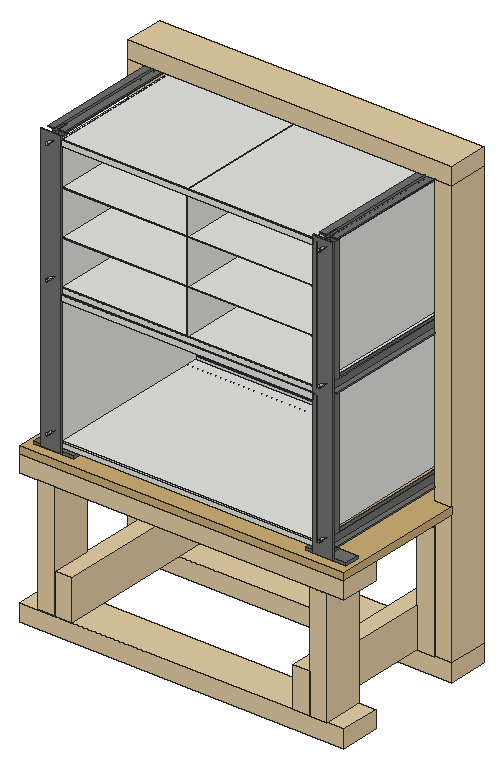
Revit family "Mailboxes_Aluminum-Data_Distribution_System-Salsbury_Industries-2_Unit_High_Wall_Installation", category Specialty Equipment, host Wall, Revit 2016
Family settings
  Host = Wall
  Part Type = Normal
  Round Connector Dimension = Use Diameter
  OmniClass Number = 23.40.90.14.11
  OmniClass Title = Mail Boxes
  Always vertical = Yes
  Cut with Voids When Loaded = No
  Shared = No
  Room Calculation Point = No
Parameters (values of type "Single Column Installation-2400 Series Mailboxes-2 High")
  Version = "2.0 (06/30/18)"
  URL = "www.mailboxes.com"
  Type Comments = "Data Distribution System for Aluminum Mailbox Units"
  Trim Material = Steel - Salsbury Finish - Black
  Starter and Add On Configuration (not applicable) = yes
  Starter Configuration (not applicable) = yes
  Rough Opening Width = 25.375"
  Rough Opening Height = 25.250"
  Rack Ladder Spacing = 23.875"
  Right RO Offset = 1.500"
  Rack Ladder Offset = 0.750"
  Rack Ladder Height = Rack Ladder Units : 2200C2
  Platform Material = Plywood
  OmniClass 23 Title = "Mail Boxes"
  OmniClass 23 Number = "23.40.90.14.11"
  Model = "2400 Series"
  MasterFormat Title = "Postal Specialties"
  MasterFormat Number = "10 55 00"
  Manufacturer = "Salsbury Industries"
  Lock Material = Stainless Steel -Salsbury Finish - Polished
  Left RO Offset = 1.500"
  Front Panel Material = Aluminum - Salsbury Finish - Aluminum
  End Column and Add On Configuration (not applicable) = yes
  Description = "2 Unit High  Installation - Single Column"
  Base Height [instance] = 13.780"
  Base Depth = 16.000"
  Back Enclosure Material = Steel - Salsbury Finish - Clear
  Assembly Code = "C1030910"
  2x4 Platform Support = Softwood, Lumber
  2400 Series Mailbox - Location 2 [instance] = Data Distribution Mailbox Units : 2406
  2400 Series Mailbox - Location 1 [instance] = Data Distribution Mailbox Units : 2401
Reference planes (in)
  plane 1 "Center of Wall": y = 0
  plane 2 "Center (Left/Right)": x = 0
  plane 3 "Front Face of Wall": y = 2.4375
  plane 4 "Left Side of RO": x = 12.6875
  plane 5 "Right Side of RO": x = -12.6875
  plane 6 "Top of RO": z = 39.03
  plane 7 "Bottom of RO": z = 13.78
  plane 8 "Back of Platform": y = -13.5625
  plane 9 "Floor": z = 0
  plane 10 "Back Face of Wall": y = -2.4375
  plane 11: y = -9.0625
  plane 12 "Base-Back Bottom Frame": z = 1.5
  plane 13 "Base-Back TopFrame": z = 11.655
  plane 14 "Base Center-Back TopFrame": z = 12.405
  plane 15 "Base Center-Back Bottom Frame": z = 0.75
  plane 16 "Bottom of Platform": z = 13.155
  plane 17 "Brace/Support Align-Right": x = -11.1875
  plane 18 "Brace/Support Align-Left": x = 11.1875
  plane 19 "Wall Opening Extension - Left": x = 14.1875
  plane 20 "Wall Opening Extension - Right": x = -14.1875
  plane 21 "Wall Opening Extension - Top": z = 40.53
  plane 22 "Right Rack Ladder Align": x = -11.9375
  plane 23 "Left Rack Ladder Align": x = 11.9375
  plane 24: z = 5
  plane 25: y = -1.75
  plane 26: y = 1.75
  plane 27 "Mail Align 1": z = 14.7175
  plane 28: z = 26.8425
  plane 29: z = 38.9675
  plane 30: z = 51.0925
  plane 31: z = 63.2175
  plane 32: z = 75.3425
  plane 33 "Center of Mailboxes": x = 0
  plane 34 "Mailbox Side Align": x = 11.5935
  plane 35: x = -12.6875
  plane 36: x = 12.6875
  plane 37: y = 2.0625
  plane 38: x = 9.6875
  plane 39: x = -9.6875
  plane 40: y = -10.0625
  plane 41 "15"AFF - Low Reach Limit": z = 15
Forms (in)
  Extrusion 1, void
    sketch origin (0, 0, 0) x (1, 0, 0) y (0, 0, 1)
      loop
        line (12.6875, 39.03) -> (-12.6875, 39.03) -> (-12.6875, 13.78) -> (12.6875, 13.78) -> (12.6875, 39.03)
    from -2.4375 to 2.4375
  Extrusion 2, void
    sketch origin (0, -2.4375, 0) x (-1, 0, 0) y (0, 0, 1)
      loop
        line (12.6875, 13.78) -> (-12.6875, 13.78) -> (-12.6875, 0) -> (12.6875, 0) -> (12.6875, 13.78)
    from 0 to 4.5
  Extrusion 3, solid, material "Softwood, Lumber" <- "2x4 Platform Support"
    sketch origin (0, 0, 0) x (1, 0, 0) y (0, 1, 0)
      loop
        line (14.1875, -13.5625) -> (14.1875, -10.0625) -> (-14.1875, -10.0625) -> (-14.1875, -13.5625) -> (14.1875, -13.5625)
    from 0 to 1.5
  Extrusion 4, solid, material "Softwood, Lumber" <- "2x4 Platform Support"
    sketch origin (0, 11.8125, 0) x (1, 0, 0) y (0, 1, 0)
      loop
        line (14.1875, -13.5625) -> (14.1875, -10.0625) -> (-14.1875, -10.0625) -> (-14.1875, -13.5625) -> (14.1875, -13.5625)
    from 0 to 1.5
  Extrusion 5, solid, material "Softwood, Lumber" <- "2x4 Platform Support"
    sketch origin (0, 0, 11.655) x (1, 0, 0) y (0, 1, 0)
      loop
        line (14.1875, -13.5625) -> (14.1875, -10.0625) -> (-14.1875, -10.0625) -> (-14.1875, -13.5625) -> (14.1875, -13.5625)
    from 0 to 1.5
  Extrusion 6, solid, material "Softwood, Lumber" <- "2x4 Platform Support"
    sketch origin (0, 0, 11.655) x (1, 0, 0) y (0, 1, 0)
      loop
        line (12.6875, -1.75) -> (12.6875, 1.75) -> (-12.6875, 1.75) -> (-12.6875, -1.75) -> (12.6875, -1.75)
    from 0 to 1.5
  Extrusion 7, solid, material "Softwood, Lumber" <- "2x4 Platform Support"
    sketch origin (-12.6875, 0, 0) x (0, 0, -1) y (0, 1, 0)
      loop
        line (-11.655, -13.5625) -> (-1.5, -13.5625) -> (-1.5, -10.0625) -> (-11.655, -10.0625) -> (-11.655, -13.5625)
    from 0 to 1.5
  Extrusion 8, solid, material "Softwood, Lumber" <- "2x4 Platform Support"
    sketch origin (-12.6875, 0, 0) x (0, 0, -1) y (0, 1, 0)
      loop
        line (-11.655, -1.75) -> (-1.5, -1.75) -> (-1.5, 1.75) -> (-11.655, 1.75) -> (-11.655, -1.75)
    from 0 to 1.5
  Extrusion 9, solid, material "Softwood, Lumber" <- "2x4 Platform Support", visible <- "End Column and Add On Configuration (not applicable)"
    sketch origin (12.6875, 0, 0) x (0, 0, -1) y (0, 1, 0)
      loop
        line (-11.655, -13.5625) -> (-1.5, -13.5625) -> (-1.5, -10.0625) -> (-11.655, -10.0625) -> (-11.655, -13.5625)
    from 0 to -1.5
  Extrusion 10, solid, material "Softwood, Lumber" <- "2x4 Platform Support", visible <- "End Column and Add On Configuration (not applicable)"
    sketch origin (12.6875, 0, 0) x (0, 0, -1) y (0, 1, 0)
      loop
        line (-11.655, -1.75) -> (-1.5, -1.75) -> (-1.5, 1.75) -> (-11.655, 1.75) -> (-11.655, -1.75)
    from 0 to -1.5
  Extrusion 11, solid, material "Softwood, Lumber" <- "2x4 Platform Support"
    sketch origin (-11.1875, 0, 0) x (0, 0, -1) y (0, -1, 0)
      loop
        line (-1.5, 13.5625) -> (-5, 13.5625) -> (-5, -1.75) -> (-1.5, -1.75) -> (-1.5, 13.5625)
    from 0 to -1.5
  Extrusion 12, solid, material "Softwood, Lumber" <- "2x4 Platform Support", visible <- "End Column and Add On Configuration (not applicable)"
    sketch origin (11.1875, 0, 0) x (0, 0, -1) y (0, -1, 0)
      loop
        line (-1.5, 13.5625) -> (-5, 13.5625) -> (-5, -1.75) -> (-1.5, -1.75) -> (-1.5, 13.5625)
    from 0 to 1.5
  Extrusion 13, void
    sketch origin (0, 0, 40.53) x (0, -1, 0) y (1, 0, 0)
      loop
        line (2.4375, -14.1875) -> (2.4375, 14.1875) -> (-2.06201, 14.1875) -> (-2.06201, -14.1875) -> (2.4375, -14.1875)
    from -40.53 to 0
  Extrusion 14, solid, material "Softwood, Lumber" <- "2x4 Platform Support", visible <- "End Column and Add On Configuration (not applicable)"
    sketch origin (14.1875, 0, 0) x (0, -1, 0) y (0, 0, 1)
      loop
        line (1.75, 1.5) -> (1.75, 39.03) -> (-1.75, 39.03) -> (-1.75, 1.5) -> (1.75, 1.5)
    from 0 to 1.5
  Extrusion 15, solid, material "Softwood, Lumber" <- "2x4 Platform Support", visible <- "Starter and Add On Configuration (not applicable)"
    sketch origin (-14.1875, 0, 0) x (0, -1, 0) y (0, 0, 1)
      loop
        line (1.75, 1.5) -> (1.75, 39.03) -> (-1.75, 39.03) -> (-1.75, 1.5) -> (1.75, 1.5)
    from 0 to -1.5
  Extrusion 16, solid, material "Softwood, Lumber" <- "2x4 Platform Support"
    sketch origin (0, 11.8125, 40.53) x (0, -1, 0) y (1, 0, 0)
      loop
        line (13.5625, 14.1875) -> (10.0625, 14.1875) -> (10.0625, -14.1875) -> (13.5625, -14.1875) -> (13.5625, 14.1875)
    from 0 to -1.5
  Extrusion 17, solid, material "Plywood" <- "Platform Material"
    sketch origin (0, 0, 13.155) x (0, -1, 0) y (1, 0, 0)
      loop
        line (13.5625, -14.1875) -> (13.5625, 14.1875) -> (-2.0625, 14.1875) -> (-2.0625, -14.1875) -> (13.5625, -14.1875)
    from 0 to 0.625
  Extrusion 18, void
    sketch origin (-12.6875, 0, 0) x (0, 0, -1) y (0, 1, 0)
      loop
        line (-13.155, 2.0625) -> (-13.78, 2.0625) -> (-13.78, -1.75) -> (-13.155, -1.75) -> (-13.155, 2.0625)
    from 0 to -1.5
  Extrusion 19, void
    sketch origin (12.6875, 0, 0) x (0, 0, -1) y (0, 1, 0)
      loop
        line (-13.155, 2.0625) -> (-13.78, 2.0625) -> (-13.78, -1.75) -> (-13.155, -1.75) -> (-13.155, 2.0625)
    from 0 to 1.5
Cuts and joins
  Extrusion 18 cuts Extrusion 6
  Extrusion 18, Extrusion 19 cuts Extrusion 17
Lines and regions (in)
  symbolic lines
    curve 1: line (-14.1875, -13.5625, 14.7175) -> (14.1875, -13.5625, 14.7175)
    curve 2: line (-14.1875, 1.75, 14.7175) -> (-14.1875, -13.5625, 14.7175)
    curve 3: line (14.1875, 1.75, 14.7175) -> (-14.1875, 1.75, 14.7175)
    curve 4: line (14.1875, -13.5625, 14.7175) -> (14.1875, 1.75, 14.7175)
    curve 5: line (-14.1875, -1.75, 14.7175) -> (14.1875, -1.75, 14.7175)
    curve 6: line (-12.6875, -1.75, 40.53) -> (-12.6875, 1.75, 40.53)
    curve 7: line (-12.6875, -1.75, 0) -> (-12.6875, -1.75, 40.53)
    curve 8: line (-12.6875, 1.75, 0) -> (-12.6875, -1.75, 0)
    curve 9: line (-12.6875, 1.75, 40.53) -> (-12.6875, 1.75, 0)
    curve 10: line (-12.6875, -13.5625, 13.155) -> (-12.6875, -10.0625, 13.155)
    curve 11: line (-12.6875, -13.5625, 0) -> (-12.6875, -13.5625, 13.155)
    curve 12: line (-12.6875, -10.0625, 0) -> (-12.6875, -13.5625, 0)
    curve 13: line (-12.6875, -10.0625, 13.155) -> (-12.6875, -10.0625, 0)
    curve 14: line (-12.6875, -13.5625, 11.655) -> (-12.6875, -10.0625, 11.655)
    curve 15: line (-12.6875, -13.5625, 1.5) -> (-12.6875, 1.75, 1.5)
    curve 16: line (-12.6875, -10.0625, 5) -> (-12.6875, -1.75, 5)
    curve 17: line (-12.6875, -13.5625, 13.78) -> (-12.6875, -1.75, 13.78)
    curve 18: line (-12.6875, -13.5625, 13.155) -> (-12.6875, -13.5625, 13.78)
    curve 19: line (-12.6875, -1.75, 13.155) -> (-12.6875, -13.5625, 13.155)
    curve 20: line (-12.6875, -1.75, 39.03) -> (-12.6875, 1.75, 39.03)
    curve 21: line (-14.1875, 0, 40.53) -> (14.1875, 0, 40.53)
    curve 22: line (-14.1875, 0, 39.03) -> (-14.1875, 0, 40.53)
    curve 23: line (14.1875, 0, 39.03) -> (-14.1875, 0, 39.03)
    curve 24: line (14.1875, 0, 40.53) -> (14.1875, 0, 39.03)
    curve 25: line (-14.1875, 0, 39.03) -> (-14.1875, 0, 1.5)
    curve 26: line (14.1875, 0, 39.03) -> (14.1875, 0, 1.5)
    curve 27: line (-14.1875, 0, 0) -> (14.1875, 0, 0)
    curve 28: line (-14.1875, 0, 1.5) -> (-14.1875, 0, 0)
    curve 29: line (14.1875, 0, 1.5) -> (-14.1875, 0, 1.5)
    curve 30: line (14.1875, 0, 0) -> (14.1875, 0, 1.5)
    curve 31: line (-14.1875, 0, 13.155) -> (14.1875, 0, 13.155)
    curve 32: line (-14.1875, 0, 13.78) -> (14.1875, 0, 13.78)
    curve 33: line (14.1875, 0, 11.655) -> (-14.1875, 0, 11.655)
    curve 34: line (-12.6875, 0, 1.5) -> (-12.6875, 0, 11.655)
    curve 35: line (-11.1875, 0, 1.5) -> (-11.1875, 0, 11.655)
    curve 36: line (-9.6875, 0, 1.5) -> (-9.6875, 0, 5)
    curve 37: line (-11.1875, 0, 5) -> (-9.6875, 0, 5)
    curve 38: line (11.1875, 0, 1.5) -> (11.1875, 0, 11.655)
    curve 39: line (12.6875, 0, 1.5) -> (12.6875, 0, 11.655)
    curve 40: line (9.6875, 0, 1.5) -> (9.6875, 0, 5)
    curve 41: line (11.1875, 0, 5) -> (9.6875, 0, 5)
Text (in)
  text "Placement Side" at (0, 40.15149, 123.01588), in view "Right"
  text "Placement Side" at (-58.6842, 42.74981, 0), in view "Ref. Level"
  text "Placement Side" at (0, 47.49176, 140.59947), in view "Left"
Dimensions and locks (in)
  locked: plane 3 "Front Face of Wall" to host wall
  equal spacing: plane 4 "Left Side of RO", plane 2 "Center (Left/Right)", plane 5 "Right Side of RO"
  "Rough Opening Width": plane 4 "Left Side of RO" to plane 5 "Right Side of RO"
  "Rough Opening Height": plane 7 "Bottom of RO" to plane 6 "Top of RO"
  "Base Height": plane 9 "Floor" to plane 7 "Bottom of RO"
  "Base Depth": plane 8 "Back of Platform" to plane 3 "Front Face of Wall"
  plane 8 "Back of Platform" to plane 11 = 4.500"
  plane 24 to plane 12 "Base-Back Bottom Frame" to plane 15 "Base Center-Back Bottom Frame" to plane 9 "Floor" = 3.500", 0.750", 0.750"
  plane 7 "Bottom of RO" to plane 16 "Bottom of Platform" to plane 14 "Base Center-Back TopFrame" to plane 13 "Base-Back TopFrame" = 0.625", 0.750", 0.750"
  plane 5 "Right Side of RO" to plane 17 "Brace/Support Align-Right" to plane 39 = 1.500" locked, 1.500" locked
  plane 38 to plane 18 "Brace/Support Align-Left" to plane 4 "Left Side of RO" = 1.500" locked, 1.500" locked
  "Left RO Offset": plane 4 "Left Side of RO" to plane 19 "Wall Opening Extension - Left"
  "Right RO Offset": plane 20 "Wall Opening Extension - Right" to plane 5 "Right Side of RO"
  locked: plane 21 "Wall Opening Extension - Top" to plane 6 "Top of RO" at 1.5
  "Rack Ladder Spacing": plane 22 "Right Rack Ladder Align" to plane 23 "Left Rack Ladder Align"
  plane 25 to plane 1 "Center of Wall" to plane 26 = 1.750", 1.750"
  "Rack Ladder Offset": plane 22 "Right Rack Ladder Align" to plane 5 "Right Side of RO"
  plane 32 to plane 31 to plane 30 to plane 29 to plane 28 to plane 27 "Mail Align 1" to plane 7 "Bottom of RO" = 12.125", 12.125", 12.125", 12.125", 12.125", 0.9375"
  equal spacing: plane 22 "Right Rack Ladder Align", plane 33 "Center of Mailboxes", plane 23 "Left Rack Ladder Align"
  locked: plane 34 "Mailbox Side Align" to plane 23 "Left Rack Ladder Align" at 0.344
  locked: plane 20 "Wall Opening Extension - Right" to plane 35 at 1.5
  locked: plane 36 to plane 19 "Wall Opening Extension - Left" at 1.5
  locked: plane 37 to plane 3 "Front Face of Wall" at 0.375
  locked: plane 41 "15"AFF - Low Reach Limit" to plane 9 "Floor" at 15
  aligned and locked: plane 9 "Floor" to level
  aligned and locked: plane 6 "Top of RO" to Extrusion 1 sketch curve
  aligned and locked: plane 5 "Right Side of RO" to Extrusion 1 sketch curve
  aligned and locked: Extrusion 1 sketch curve to plane 4 "Left Side of RO"
  aligned and locked: Extrusion 1 sketch curve to plane 7 "Bottom of RO"
  aligned and locked: host wall to Extrusion 1  (x2)
  aligned and locked: plane 10 "Back Face of Wall" to host wall
  aligned and locked: plane 7 "Bottom of RO" to Extrusion 2 sketch curve
  aligned and locked: Extrusion 2 sketch curve to plane 4 "Left Side of RO"
  aligned and locked: plane 5 "Right Side of RO" to Extrusion 2 sketch curve
  aligned and locked: Extrusion 2 sketch curve to plane 9 "Floor"
  aligned and locked: Extrusion 3 to plane 12 "Base-Back Bottom Frame"
  aligned and locked: plane 4 "Left Side of RO" to Extrusion 6
  aligned and locked: Extrusion 6 to plane 5 "Right Side of RO"
  aligned and locked: plane 12 "Base-Back Bottom Frame" to Extrusion 7
  aligned and locked: Extrusion 7 to plane 13 "Base-Back TopFrame"
  aligned and locked: plane 13 "Base-Back TopFrame" to Extrusion 5
  aligned and locked: plane 12 "Base-Back Bottom Frame" to Extrusion 8
  aligned and locked: plane 12 "Base-Back Bottom Frame" to Extrusion 9
  aligned and locked: plane 12 "Base-Back Bottom Frame" to Extrusion 10
  aligned and locked: Extrusion 9 to plane 13 "Base-Back TopFrame"
  aligned and locked: Extrusion 10 to plane 13 "Base-Back TopFrame"
  aligned and locked: Extrusion 4 to Extrusion 12
  aligned and locked: Extrusion 4 to Extrusion 11
  aligned and locked: Extrusion 13 sketch curve to plane 20 "Wall Opening Extension - Right"
  aligned and locked: plane 19 "Wall Opening Extension - Left" to Extrusion 13 sketch curve
  aligned and locked: Extrusion 4 to plane 19 "Wall Opening Extension - Left"
  aligned and locked: plane 20 "Wall Opening Extension - Right" to Extrusion 4
  aligned and locked: Extrusion 17 to plane 7 "Bottom of RO"
  aligned and locked: Extrusion 13 to level
  aligned and locked: plane 24 to Extrusion 12
  aligned and locked: Extrusion 11 to plane 24
  aligned and locked: nested 1 to plane 7 "Bottom of RO"
  aligned and locked: nested 2 to plane 23 "Left Rack Ladder Align"
  aligned and locked: nested 1 to plane 22 "Right Rack Ladder Align"
  aligned and locked: plane 7 "Bottom of RO" to nested 2
  aligned and locked: plane 3 "Front Face of Wall" to nested 1
  aligned and locked: nested 2 to plane 3 "Front Face of Wall"
  aligned and locked: Extrusion 5 to Extrusion 4
  aligned and locked: Extrusion 5 to plane 19 "Wall Opening Extension - Left"
  aligned and locked: Extrusion 5 to Extrusion 17
  aligned and locked: Extrusion 17 to Extrusion 5
  aligned and locked: Extrusion 4 to Extrusion 3  (x2)
  aligned and locked: Extrusion 4 to plane 12 "Base-Back Bottom Frame"
  aligned and locked: plane 12 "Base-Back Bottom Frame" to Extrusion 15
  aligned and locked: Extrusion 15 to plane 6 "Top of RO"
  aligned and locked: Extrusion 14 to plane 6 "Top of RO"
  aligned and locked: Extrusion 16 to plane 19 "Wall Opening Extension - Left"
  aligned and locked: plane 20 "Wall Opening Extension - Right" to Extrusion 16
  aligned and locked: Extrusion 17 to Extrusion 3  (x2)
  aligned and locked: plane 25 to Extrusion 4
  aligned and locked: Extrusion 4 to plane 26
  aligned and locked: plane 25 to Extrusion 14
  aligned and locked: Extrusion 14 to plane 26
  aligned and locked: Extrusion 10 to plane 26
  aligned and locked: plane 25 to Extrusion 10
  aligned and locked: plane 25 to cut or joined group of Extrusion 6, Extrusion 18
  aligned and locked: cut or joined group of Extrusion 6, Extrusion 18 to plane 26
  aligned and locked: plane 25 to Extrusion 8
  aligned and locked: Extrusion 8 to plane 26
  aligned and locked: Extrusion 16 to plane 26  (x2)
  aligned and locked: plane 25 to Extrusion 16
  aligned and locked: cut or joined group of Extrusion 17, Extrusion 18, Extrusion 19 to Extrusion 18
  aligned and locked: Extrusion 18 to Extrusion 4
  aligned and locked: Extrusion 19 to cut or joined group of Extrusion 17, Extrusion 18, Extrusion 19
  aligned and locked: Extrusion 4 to Extrusion 19
  aligned and locked: nested 4 to plane 3 "Front Face of Wall"
  aligned and locked: plane 27 "Mail Align 1" to nested 3
  aligned and locked: plane 28 to nested 4
  aligned and locked: nested 3 to plane 3 "Front Face of Wall"
  aligned and locked: nested 4 to plane 34 "Mailbox Side Align"
  aligned and locked: nested 3 to plane 34 "Mailbox Side Align"
  aligned and locked: Extrusion 15 to plane 26
  aligned and locked: plane 25 to Extrusion 15
  aligned and locked: plane 25 to Extrusion 15 sketch curve
  aligned and locked: Extrusion 15 sketch curve to plane 26
  aligned and locked: Extrusion 15 sketch curve to plane 6 "Top of RO"
  aligned and locked: plane 12 "Base-Back Bottom Frame" to Extrusion 15 sketch curve
  aligned and locked: Extrusion 15 to plane 35
  aligned and locked: plane 20 "Wall Opening Extension - Right" to Extrusion 15
  aligned and locked: plane 12 "Base-Back Bottom Frame" to Extrusion 14 sketch curve
  aligned and locked: plane 25 to Extrusion 14 sketch curve
  aligned and locked: Extrusion 14 sketch curve to plane 26
  aligned and locked: Extrusion 14 sketch curve to plane 6 "Top of RO"
  aligned and locked: Extrusion 14 to plane 36
  aligned and locked: Extrusion 14 to plane 19 "Wall Opening Extension - Left"
  aligned and locked: plane 26 to Extrusion 16 sketch curve
  aligned and locked: Extrusion 16 sketch curve to plane 20 "Wall Opening Extension - Right"
  aligned and locked: Extrusion 16 sketch curve to plane 25
  aligned and locked: plane 19 "Wall Opening Extension - Left" to Extrusion 16 sketch curve
  aligned and locked: Extrusion 16 to plane 21 "Wall Opening Extension - Top"
  aligned and locked: plane 6 "Top of RO" to Extrusion 16
  aligned and locked: plane 20 "Wall Opening Extension - Right" to Extrusion 17 sketch curve
  aligned and locked: Extrusion 17 sketch curve to plane 19 "Wall Opening Extension - Left"
  aligned and locked: plane 8 "Back of Platform" to Extrusion 17 sketch curve
  aligned and locked: plane 37 to Extrusion 17 sketch curve
  aligned and locked: plane 16 "Bottom of Platform" to cut or joined group of Extrusion 17, Extrusion 18, Extrusion 19
  aligned and locked: plane 5 "Right Side of RO" to Extrusion 6 sketch curve
  aligned and locked: plane 26 to Extrusion 6 sketch curve
  aligned and locked: Extrusion 6 sketch curve to plane 25
  aligned and locked: Extrusion 6 sketch curve to plane 4 "Left Side of RO"
  aligned and locked: plane 13 "Base-Back TopFrame" to cut or joined group of Extrusion 6, Extrusion 18
  aligned and locked: cut or joined group of Extrusion 6, Extrusion 18 to plane 16 "Bottom of Platform"
  aligned and locked: plane 40 to Extrusion 5 sketch curve
  aligned and locked: Extrusion 5 sketch curve to plane 8 "Back of Platform"
  aligned and locked: Extrusion 5 sketch curve to plane 20 "Wall Opening Extension - Right"
  aligned and locked: plane 19 "Wall Opening Extension - Left" to Extrusion 5 sketch curve
  aligned and locked: Extrusion 5 to plane 16 "Bottom of Platform"
  aligned and locked: plane 13 "Base-Back TopFrame" to Extrusion 8 sketch curve
  aligned and locked: Extrusion 8 sketch curve to plane 25
  aligned and locked: plane 26 to Extrusion 8 sketch curve
  aligned and locked: Extrusion 8 sketch curve to plane 12 "Base-Back Bottom Frame"
  aligned and locked: Extrusion 8 to plane 17 "Brace/Support Align-Right"
  aligned and locked: Extrusion 8 to plane 5 "Right Side of RO"
  aligned and locked: plane 13 "Base-Back TopFrame" to Extrusion 7 sketch curve
  aligned and locked: Extrusion 7 sketch curve to plane 12 "Base-Back Bottom Frame"
  aligned and locked: plane 40 to Extrusion 7 sketch curve
  aligned and locked: Extrusion 7 sketch curve to plane 8 "Back of Platform"
  aligned and locked: Extrusion 7 to plane 17 "Brace/Support Align-Right"
  aligned and locked: Extrusion 7 to plane 5 "Right Side of RO"
  aligned and locked: Extrusion 11 sketch curve to plane 24
  aligned and locked: plane 12 "Base-Back Bottom Frame" to Extrusion 11 sketch curve
  aligned and locked: plane 8 "Back of Platform" to Extrusion 11 sketch curve
  aligned and locked: Extrusion 11 sketch curve to plane 26
  aligned and locked: plane 39 to Extrusion 11
  aligned and locked: plane 17 "Brace/Support Align-Right" to Extrusion 11
  aligned and locked: plane 13 "Base-Back TopFrame" to Extrusion 10 sketch curve
  aligned and locked: Extrusion 10 sketch curve to plane 12 "Base-Back Bottom Frame"
  aligned and locked: Extrusion 10 sketch curve to plane 25
  aligned and locked: plane 26 to Extrusion 10 sketch curve
  aligned and locked: plane 4 "Left Side of RO" to Extrusion 10
  aligned and locked: plane 18 "Brace/Support Align-Left" to Extrusion 10
  aligned and locked: plane 13 "Base-Back TopFrame" to Extrusion 9 sketch curve
  aligned and locked: Extrusion 9 sketch curve to plane 12 "Base-Back Bottom Frame"
  aligned and locked: plane 40 to Extrusion 9 sketch curve
  aligned and locked: Extrusion 9 sketch curve to plane 8 "Back of Platform"
  aligned and locked: plane 4 "Left Side of RO" to Extrusion 9
  aligned and locked: plane 18 "Brace/Support Align-Left" to Extrusion 9
  aligned and locked: Extrusion 12 sketch curve to plane 26
  aligned and locked: Extrusion 12 sketch curve to plane 24
  aligned and locked: plane 12 "Base-Back Bottom Frame" to Extrusion 12 sketch curve
  aligned and locked: plane 8 "Back of Platform" to Extrusion 12 sketch curve
  aligned and locked: Extrusion 12 to plane 18 "Brace/Support Align-Left"
  aligned and locked: Extrusion 12 to plane 38
  aligned and locked: plane 26 to Extrusion 4 sketch curve
  aligned and locked: Extrusion 4 sketch curve to plane 25
  aligned and locked: plane 19 "Wall Opening Extension - Left" to Extrusion 4 sketch curve
  aligned and locked: Extrusion 4 sketch curve to plane 20 "Wall Opening Extension - Right"
  aligned and locked: plane 9 "Floor" to Extrusion 4
  aligned and locked: plane 40 to Extrusion 3 sketch curve
  aligned and locked: Extrusion 3 sketch curve to plane 8 "Back of Platform"
  aligned and locked: plane 19 "Wall Opening Extension - Left" to Extrusion 3 sketch curve
  aligned and locked: Extrusion 3 sketch curve to plane 20 "Wall Opening Extension - Right"
  aligned and locked: plane 9 "Floor" to Extrusion 3
  aligned and locked: plane 8 "Back of Platform" to curve 1
  aligned and locked: plane 20 "Wall Opening Extension - Right" to curve 2
  aligned and locked: curve 4 to plane 19 "Wall Opening Extension - Left"
  aligned and locked: plane 20 "Wall Opening Extension - Right" to curve 5
  aligned and locked: plane 19 "Wall Opening Extension - Left" to curve 5
  aligned and locked: plane 25 to curve 5
  aligned and locked: curve 7 to plane 25
  aligned and locked: plane 21 "Wall Opening Extension - Top" to curve 6
  aligned and locked: plane 26 to curve 9
  aligned and locked: curve 8 to plane 9 "Floor"
  aligned and locked: curve 12 to plane 9 "Floor"
  aligned and locked: plane 40 to curve 13
  aligned and locked: curve 11 to plane 8 "Back of Platform"
  aligned and locked: plane 16 "Bottom of Platform" to curve 10
  aligned and locked: plane 13 "Base-Back TopFrame" to curve 14
  aligned and locked: plane 12 "Base-Back Bottom Frame" to curve 15
  aligned and locked: plane 40 to curve 16
  aligned and locked: plane 25 to curve 16
  aligned and locked: plane 24 to curve 16
  aligned and locked: plane 7 "Bottom of RO" to curve 17
  aligned and locked: curve 19 to plane 16 "Bottom of Platform"
  aligned and locked: curve 18 to plane 8 "Back of Platform"
  aligned and locked: plane 26 to curve 20
  aligned and locked: plane 6 "Top of RO" to curve 20
  aligned and locked: curve 23 to plane 6 "Top of RO"
  aligned and locked: plane 21 "Wall Opening Extension - Top" to curve 21
  aligned and locked: plane 19 "Wall Opening Extension - Left" to curve 24
  aligned and locked: curve 22 to plane 20 "Wall Opening Extension - Right"
  aligned and locked: plane 6 "Top of RO" to curve 25
  aligned and locked: plane 12 "Base-Back Bottom Frame" to curve 25
  aligned and locked: plane 19 "Wall Opening Extension - Left" to curve 26
  aligned and locked: curve 29 to plane 12 "Base-Back Bottom Frame"
  aligned and locked: plane 9 "Floor" to curve 27
  aligned and locked: plane 20 "Wall Opening Extension - Right" to curve 28
  aligned and locked: curve 30 to plane 19 "Wall Opening Extension - Left"
  aligned and locked: plane 16 "Bottom of Platform" to curve 31
  aligned and locked: plane 20 "Wall Opening Extension - Right" to curve 33
  aligned and locked: plane 19 "Wall Opening Extension - Left" to curve 33
  aligned and locked: plane 7 "Bottom of RO" to curve 32
  aligned and locked: curve 33 to plane 13 "Base-Back TopFrame"
  aligned and locked: plane 24 to curve 36
  aligned and locked: curve 34 to plane 35
  aligned and locked: curve 35 to plane 17 "Brace/Support Align-Right"
  aligned and locked: plane 39 to curve 36
  aligned and locked: plane 17 "Brace/Support Align-Right" to curve 37
  aligned and locked: plane 39 to curve 37
  aligned and locked: plane 24 to curve 37
  aligned and locked: plane 13 "Base-Back TopFrame" to curve 39
  aligned and locked: plane 24 to curve 40
  aligned and locked: curve 39 to plane 36
  aligned and locked: curve 38 to plane 18 "Brace/Support Align-Left"
  aligned and locked: plane 38 to curve 40
  aligned and locked: plane 18 "Brace/Support Align-Left" to curve 41
  aligned and locked: plane 38 to curve 41
  aligned and locked: curve 41 to plane 24
Automatic sketch dimensions
  host wall to Extrusion 13 sketch curve = 0.000"
  Extrusion 13 sketch curve to host wall = 0.37549"
  plane 7 "Bottom of RO" to Extrusion 18 sketch curve = 0.000"
  plane 16 "Bottom of Platform" to Extrusion 18 sketch curve = 0.000"
  Extrusion 18 sketch curve to host wall = 0.6875"
  Extrusion 18 sketch curve to host wall = 0.375"
  plane 7 "Bottom of RO" to Extrusion 19 sketch curve = 0.000"
  plane 16 "Bottom of Platform" to Extrusion 19 sketch curve = 0.000"
  Extrusion 19 sketch curve to host wall = 0.6875"
  Extrusion 19 sketch curve to host wall = 0.375"
  plane 26 to curve 4 = 0.000"
Nested families (in)
  nested 1: "Rack Ladder Units" at (-11.9375, -5.125, 13.78), type <- "Rack Ladder Height", type "2200C2"
  nested 2: "Rack Ladder Units" at (11.9375, -5.125, 13.78) x (-1, 0, 0) z (0, 0, 1), type <- "Rack Ladder Height", visible <- "End Column and Add On Configuration (not applicable)", type "2200C2"
  nested 3: "Data Distribution Mailbox Units" at (-0.0315, -5.3125, 14.7175) x (-1, 0, 0) z (0, 0, 1), type <- "2400 Series Mailbox - Location 1", type "2401"
  nested 4: "Data Distribution Mailbox Units" at (-0.0315, -5.3125, 26.8425) x (-1, 0, 0) z (0, 0, 1), type <- "2400 Series Mailbox - Location 2", type "2406"
Definition of nested family "Rack Ladder Units"
  Parameters (values of type "2200C3")
    Width = 3.500"
    Visible = yes
    Version = "1.0 (04/30/16)"
    Type Comments = "Rack Ladder for Aluminum Mailboxes"
    Trim Material = none
    Number of Dividers = 3
    Model = "2200C3"
    Manufacturer = "Salsbury Industries"
    Lock Material = none
    Height = 37.375"
    Divider Spacing = 24.250"
    Description = "3 High - Custom"
    Depth = 15.875"
  Types (7): name | Visible | Number of Dividers | Model | Height | Divider Spacing | Description
    (no name) | yes | 3 | "2200C3" | 37.375" | 24.250" | "3 High - Custom"
    2200C6 | yes | 6 | "2200C6" | 73.750" | 60.625" | "6 High - Custom"
    2200C5 | yes | 5 | "2200C5" | 61.625" | 48.500" | "5 High - Standard"
    2200C4 | yes | 4 | "2200C4" | 49.500" | 36.375" | "4 High - Custom"
    2200C3 | yes | 3 | "2200C3" | 37.375" | 24.250" | "3 High - Custom"
    2200C2 | yes | 2 | "2200C2" | 25.250" | 12.125" | "2 High - Custom"
    None | no | 2 | "2200C2" | 25.250" | 12.125" | "2 High - Custom"
  Reference planes (in)
    plane 1 "Center (Front/Back)": y = 0
    plane 2 "bottom": z = 0
    plane 3 "Center (Left/Right)": x = 0
    plane 4 "left": y = -7.5625
    plane 5 "right": y = 7.5625
    plane 6 "Bottom of top divider": z = 37.3125
    plane 7 "back": x = -0.625
    plane 8 "front": x = 0.625
    plane 9: z = 0.9375
    plane 10: z = 13.0625
    plane 11: z = 25.1875
    plane 12: z = 37.3125
    plane 13: z = 49.4375
    plane 14: z = 25.1875
    plane 15 "Vertical Bar Base": z = 0.25
    plane 16: y = -6.3125
    plane 17: y = 6.0625
    plane 18: x = 1.75
    plane 19: x = -1.75
    plane 20: x = 0.125
    plane 21: x = -0.125
    plane 22: y = 7.3125
    plane 23 "Divider Left Align": y = -7.3125
    plane 24: x = 0.875
    plane 25: x = -0.875
    plane 26 "Back Plate Align": y = -7.8125
    plane 27 "Divider Right Align": y = 7.0625
    plane 28: y = -7.875
    plane 29: y = -8.3125
    plane 30 "top": z = 37.375
    plane 31: y = 6.3125
  Forms (in)
    Extrusion 1, solid, material <- "Trim Material", visible <- "Visible"
      sketch origin (0, 0, 0) x (1, 0, 0) y (0, 1, 0)
        loop
          line (-1.75, -6.3125) -> (-1.75, -7.5625) -> (1.75, -7.5625) -> (1.75, -6.3125) -> (-1.75, -6.3125)
      from 0 to 0.25
    Extrusion 2, solid, material <- "Trim Material", visible <- "Visible"
      sketch origin (0, -0.125, 0.25) x (1, 0, 0) y (0, 1, 0)
        loop
          line (-0.125, -6.1875) -> (-0.125, -7.4375) -> (0.125, -7.4375) -> (0.125, -6.1875) -> (-0.125, -6.1875)
      from 0 to 37.125
    Extrusion 3, solid, material <- "Trim Material", visible <- "Visible"
      sketch origin (0, 0, 0) x (1, 0, 0) y (0, 1, 0)
        loop
          line (-0.625, 6.3125) -> (1.75, 6.3125) -> (1.75, 7.5625) -> (-0.625, 7.5625) -> (-0.625, 6.3125)
      from 0 to 0.25
    Extrusion 4, solid, material <- "Trim Material", visible <- "Visible"
      sketch origin (0, -0.25, 0.25) x (1, 0, 0) y (0, 1, 0)
        loop
          line (-0.125, 6.3125) -> (0.125, 6.3125) -> (0.125, 7.5625) -> (-0.125, 7.5625) -> (-0.125, 6.3125)
      from 0 to 37.125
    Extrusion 5, solid, material <- "Trim Material", visible <- "Visible"
      sketch origin (0, 0, 0.25) x (1, 0, 0) y (0, 1, 0)
        loop
          line (-0.625, 7.5625) -> (-0.625, 7.3125) -> (0.625, 7.3125) -> (0.625, 7.5625) -> (-0.625, 7.5625)
      from 0 to 37.125
    Extrusion 6, solid, material <- "Trim Material", visible <- "Visible"
      sketch origin (0, -0.4375, 0.25) x (1, 0, 0) y (0, 1, 0)
        loop
          line (-0.875, -7.375) -> (-0.875, -7.4375) -> (0.875, -7.4375) -> (0.875, -7.375) -> (-0.875, -7.375)
      from 0 to 37.125
  Lines and regions (in)
    symbolic lines
      curve 1: line (-1.75, -6.3125, 37.3125) -> (1.75, -6.3125, 37.3125)
      curve 2: line (-1.75, -7.5625, 37.3125) -> (-1.75, -6.3125, 37.3125)
      curve 3: line (1.75, -7.5625, 37.3125) -> (-1.75, -7.5625, 37.3125)
      curve 4: line (1.75, -6.3125, 37.3125) -> (1.75, -7.5625, 37.3125)
      curve 5: line (-0.875, -7.8125, 37.3125) -> (0.875, -7.8125, 37.3125)
      curve 6: line (-0.875, -7.875, 37.3125) -> (-0.875, -7.8125, 37.3125)
      curve 7: line (0.875, -7.875, 37.3125) -> (-0.875, -7.875, 37.3125)
      curve 8: line (0.875, -7.8125, 37.3125) -> (0.875, -7.875, 37.3125)
      curve 9: line (-0.625, 7.5625, 37.3125) -> (1.75, 7.5625, 37.3125)
      curve 10: line (-0.625, 6.3125, 37.3125) -> (-0.625, 7.5625, 37.3125)
      curve 11: line (1.75, 6.3125, 37.3125) -> (-0.625, 6.3125, 37.3125)
      curve 12: line (1.75, 7.5625, 37.3125) -> (1.75, 6.3125, 37.3125)
      curve 13: line (-0.125, -6.3125, 37.3125) -> (0.125, -6.3125, 37.3125)
      curve 14: line (-0.125, -7.5625, 37.3125) -> (-0.125, -6.3125, 37.3125)
      curve 15: line (0.125, -7.5625, 37.3125) -> (-0.125, -7.5625, 37.3125)
      curve 16: line (0.125, -6.3125, 37.3125) -> (0.125, -7.5625, 37.3125)
      curve 17: line (-0.125, 7.3125, 37.3125) -> (0.125, 7.3125, 37.3125)
      curve 18: line (-0.125, 6.0625, 37.3125) -> (-0.125, 7.3125, 37.3125)
      curve 19: line (0.125, 6.0625, 37.3125) -> (-0.125, 6.0625, 37.3125)
      curve 20: line (0.125, 7.3125, 37.3125) -> (0.125, 6.0625, 37.3125)
      curve 21: line (0, -7.5625, 37.375) -> (0, -6.3125, 37.375)
      curve 22: line (0, -7.5625, 0) -> (0, -7.5625, 37.375)
      curve 23: line (0, -6.3125, 0) -> (0, -7.5625, 0)
      curve 24: line (0, -6.3125, 37.375) -> (0, -6.3125, 0)
      curve 25: line (0, 6.0625, 37.375) -> (0, 7.5625, 37.375)
      curve 26: line (0, 6.0625, 0) -> (0, 6.0625, 37.375)
      curve 27: line (0, 7.5625, 0) -> (0, 6.0625, 0)
      curve 28: line (0, 7.5625, 37.375) -> (0, 7.5625, 0)
      curve 29: line (0, -7.875, 37.375) -> (0, -7.8125, 37.375)
      curve 30: line (0, -7.875, 0.25) -> (0, -7.875, 37.375)
      curve 31: line (0, -7.8125, 0.25) -> (0, -7.875, 0.25)
      curve 32: line (0, -7.8125, 37.375) -> (0, -7.8125, 0.25)
      curve 33: line (-0.875, 0, 37.375) -> (0.875, 0, 37.375)
      curve 34: line (-0.875, 0, 0.25) -> (-0.875, 0, 37.375)
      curve 35: line (0.875, 0, 0.25) -> (-0.875, 0, 0.25)
      curve 36: line (0.875, 0, 37.375) -> (0.875, 0, 0.25)
      curve 37: line (-1.75, 0, 0.25) -> (1.75, 0, 0.25)
      curve 38: line (-1.75, 0, 0) -> (-1.75, 0, 0.25)
      curve 39: line (1.75, 0, 0) -> (-1.75, 0, 0)
      curve 40: line (1.75, 0, 0.25) -> (1.75, 0, 0)
  Dimensions and locks (in)
    equal spacing: plane 7 "back", plane 3 "Center (Left/Right)", plane 8 "front"
    locked: plane 7 "back" to plane 8 "front" at 1.25
    equal spacing: plane 4 "left", plane 1 "Center (Front/Back)", plane 5 "right"
    plane 4 "left" to plane 5 "right" = 15.125"
    locked: plane 9 to plane 2 "bottom" at 0.9375
    plane 15 "Vertical Bar Base" to plane 2 "bottom" = 0.250"
    equal spacing: plane 19, plane 3 "Center (Left/Right)", plane 18
    "Width": plane 19 to plane 18
    equal spacing: plane 21, plane 3 "Center (Left/Right)", plane 20
    plane 21 to plane 20 = 0.250"
    plane 17 to plane 22 to plane 5 "right" = 1.250", 0.250"
    plane 29 to plane 28 to plane 26 "Back Plate Align" to plane 4 "left" to plane 23 "Divider Left Align" to plane 16 = 0.4375", 0.0625", 0.250", 0.250", 1.000"
    plane 25 to plane 3 "Center (Left/Right)" to plane 24 = 0.875", 0.875"
    plane 27 "Divider Right Align" to plane 22 = 0.250"
    "Depth": plane 29 to plane 5 "right"
    plane 14 to plane 6 "Bottom of top divider" to plane 30 "top" = 12.125" locked, 0.0625"
    equal spacing: group 1, group 3, group 2  (x3)
    "Divider Spacing": plane 9 to plane 14
    plane 2 "bottom" to plane 30 "top" = 37.375"
    plane 31 to plane 5 "right" = 1.250"
    aligned and locked: level to plane 2 "bottom"
    aligned and locked: nested 2 to plane 9
    aligned and locked: plane 9 to nested 2
    aligned and locked: nested 3 to plane 14
    aligned and locked: plane 6 "Bottom of top divider" to nested 1
    aligned and locked: Extrusion 2 to Extrusion 6
    aligned and locked: Extrusion 5 to Extrusion 4
    aligned and locked: Extrusion 4 to plane 30 "top"
    aligned and locked: Extrusion 2 to plane 30 "top"
    aligned and locked: Extrusion 6 to plane 24
    aligned and locked: plane 25 to Extrusion 6
    aligned and locked: Extrusion 6 sketch curve to plane 28
    aligned and locked: plane 26 "Back Plate Align" to Extrusion 6 sketch curve
    aligned and locked: Extrusion 6 sketch curve to plane 25
    aligned and locked: plane 24 to Extrusion 6 sketch curve
    aligned and locked: plane 15 "Vertical Bar Base" to Extrusion 6
    aligned and locked: plane 17 to Extrusion 4 sketch curve
    aligned and locked: Extrusion 4 sketch curve to plane 20
    aligned and locked: plane 21 to Extrusion 4 sketch curve
    aligned and locked: Extrusion 4 sketch curve to plane 22
    aligned and locked: Extrusion 4 to Extrusion 1
    aligned and locked: plane 5 "right" to Extrusion 5 sketch curve
    aligned and locked: Extrusion 5 sketch curve to plane 22
    aligned and locked: Extrusion 5 sketch curve to plane 7 "back"
    aligned and locked: plane 8 "front" to Extrusion 5 sketch curve
    aligned and locked: plane 15 "Vertical Bar Base" to Extrusion 5
    aligned and locked: plane 16 to Extrusion 2 sketch curve
    aligned and locked: Extrusion 2 sketch curve to plane 4 "left"
    aligned and locked: Extrusion 2 sketch curve to plane 21
    aligned and locked: plane 20 to Extrusion 2 sketch curve
    aligned and locked: plane 15 "Vertical Bar Base" to Extrusion 2
    aligned and locked: Extrusion 1 to plane 18
    aligned and locked: Extrusion 1 to plane 16  (x2)
    aligned and locked: plane 19 to Extrusion 1
    aligned and locked: plane 4 "left" to Extrusion 1
    aligned and locked: plane 16 to Extrusion 1 sketch curve
    aligned and locked: Extrusion 1 sketch curve to plane 4 "left"
    aligned and locked: plane 18 to Extrusion 1 sketch curve
    aligned and locked: Extrusion 1 sketch curve to plane 19
    aligned and locked: Extrusion 1 to plane 2 "bottom"
    aligned and locked: Extrusion 1 to plane 15 "Vertical Bar Base"
    aligned and locked: Extrusion 3 sketch curve to plane 18
    aligned and locked: Extrusion 3 sketch curve to plane 5 "right"
    aligned and locked: plane 7 "back" to Extrusion 3 sketch curve
    aligned and locked: plane 31 to Extrusion 3 sketch curve
    aligned and locked: Extrusion 3 to plane 2 "bottom"
    aligned and locked: Extrusion 3 to plane 15 "Vertical Bar Base"
    aligned and locked: plane 3 "Center (Left/Right)" to nested 3
    aligned and locked: plane 3 "Center (Left/Right)" to nested 2
    aligned and locked: plane 29 to nested 2
    aligned and locked: plane 29 to nested 3
    aligned and locked: plane 29 to nested 1
    aligned and locked: plane 3 "Center (Left/Right)" to nested 1
    aligned and locked: curve 2 to plane 19
    aligned and locked: plane 16 to curve 1
    aligned and locked: plane 18 to curve 4
    aligned and locked: curve 3 to plane 4 "left"
    aligned and locked: curve 7 to plane 28
    aligned and locked: plane 24 to curve 8
    aligned and locked: plane 26 "Back Plate Align" to curve 5
    aligned and locked: curve 6 to plane 25
    aligned and locked: curve 11 to plane 31
    aligned and locked: plane 5 "right" to curve 9
    aligned and locked: curve 10 to plane 7 "back"
    aligned and locked: plane 18 to curve 12
    aligned and locked: plane 20 to curve 16
    aligned and locked: curve 14 to plane 21
    aligned and locked: plane 16 to curve 13
    aligned and locked: curve 15 to plane 4 "left"
    aligned and locked: curve 19 to plane 17
    aligned and locked: plane 20 to curve 20
    aligned and locked: curve 18 to plane 21
    aligned and locked: plane 22 to curve 17
    aligned and locked: plane 16 to curve 24
    aligned and locked: plane 30 "top" to curve 21
    aligned and locked: curve 22 to plane 4 "left"
    aligned and locked: plane 2 "bottom" to curve 23
    aligned and locked: plane 2 "bottom" to curve 27
    aligned and locked: plane 5 "right" to curve 28
    aligned and locked: plane 30 "top" to curve 25
    aligned and locked: curve 26 to plane 17
    aligned and locked: plane 26 "Back Plate Align" to curve 32
    aligned and locked: curve 31 to plane 15 "Vertical Bar Base"
    aligned and locked: curve 30 to plane 28
    aligned and locked: plane 30 "top" to curve 29
    aligned and locked: curve 34 to plane 25
    aligned and locked: plane 30 "top" to curve 33
    aligned and locked: plane 24 to curve 36
    aligned and locked: curve 35 to plane 15 "Vertical Bar Base"
    aligned and locked: plane 18 to curve 40
    aligned and locked: plane 15 "Vertical Bar Base" to curve 37
    aligned and locked: curve 38 to plane 19
    aligned and locked: plane 2 "bottom" to curve 39
  Nested families (in)
    nested 1: "Rack Ladder Divider" at (0, -0.125, 36.75), visible <- "Visible", type "Rack Ladder Divider"
    nested 2: "Rack Ladder Divider - Upward" at (0, -0.125, 0.9375), visible <- "Visible", type "Rack Ladder Divider"
    nested 3: "Rack Ladder Divider - Upward" at (0, -0.125, 25.1875), visible <- "Visible", type "Rack Ladder Divider"
    nested 4: "Rack Ladder Divider - Upward" at (0, -0.125, 13.0625), visible <- "Visible", type "Rack Ladder Divider"
  Definition of nested family "Rack Ladder Divider"
    Parameters (values of type "Rack Ladder Divider")
      Width = 1.500"
      Trim Material = none
      Model = "Rack Ladder Divider"
      Manufacturer = "Salsbury Industries"
      Lock Material = none
      Height = 0.625"
      Gap = 0.250"
      Depth = 14.375"
    Reference planes (in)
      plane 1 "Center (Front/Back)": y = 0
      plane 2 "bottom": z = 0
      plane 3 "Center (Left/Right)": x = 0
      plane 4: x = -0.125
      plane 5: x = 0.125
      plane 6 "front": y = -7.1875
      plane 7 "back": y = 7.1875
      plane 8 "top": z = 0.625
      plane 9: z = 0.5625
      plane 10 "left": x = -0.75
      plane 11 "right": x = 0.75
      plane 12: x = -0.1875
      plane 13: x = 0.1875
      plane 14 "Screw Line": z = -0.219
      plane 15 "Screw Align": y = -7.4375
      plane 16: y = -8.1875
      plane 17: x = -0.10973
      plane 18: x = 0.10973
    Forms (in)
      Extrusion 1, solid, material <- "Trim Material"
        sketch origin (0, 0, 0) x (1, 0, 0) y (0, 0, 1)
          loop
            line (0.125, 0) -> (0.1875, 0) -> (0.1875, 0.5625) -> (0.75, 0.5625) -> (0.75, 0.625) -> (0.125, 0.625) -> (0.125, 0)
          loop
            line (-0.125, 0) -> (-0.125, 0.625) -> (-0.75, 0.625) -> (-0.75, 0.5625) -> (-0.1875, 0.5625) -> (-0.1875, 0) -> (-0.125, 0)
        from -7.1875 to 7.1875
      Extrusion 2, solid, material <- "Lock Material", detail levels medium+fine
        sketch origin (0, -7.4375, 0) x (1, 0, 0) y (0, 0, 1)
          loop
            circle (0, -0.11) r 0.109
        from 0 to 0.75
    Lines and regions (in)
      symbolic lines
        curve 1: line (-0.75, 0, 0.625) -> (-0.125, 0, 0.625)
        curve 2: line (-0.75, 0, 0.5625) -> (-0.75, 0, 0.625)
        curve 3: line (-0.1875, 0, 0.5625) -> (-0.75, 0, 0.5625)
        curve 4: line (-0.125, 0, 0.625) -> (-0.125, 0, 0)
        curve 5: line (0.125, 0, 0.625) -> (0.75, 0, 0.625)
        curve 6: line (0.125, 0, 0) -> (0.125, 0, 0.625)
        curve 7: line (0.75, 0, 0.5625) -> (0.1875, 0, 0.5625)
        curve 8: line (0.75, 0, 0.625) -> (0.75, 0, 0.5625)
        curve 9: line (-0.1875, 0, 0.5625) -> (-0.1875, 0, 0)
        curve 10: line (-0.1875, 0, 0) -> (-0.125, 0, 0)
        curve 11: line (0.1875, 0, 0.5625) -> (0.1875, 0, 0)
        curve 12: line (0.1875, 0, 0) -> (0.125, 0, 0)
        curve 13: circle (0, 0, -0.11217) r 0.10936 normal (0, -1, 0)
        curve 14: line (-0.75, 7.1875, 0) -> (-0.125, 7.1875, 0)
        curve 15: line (-0.75, -7.1875, 0) -> (-0.75, 7.1875, 0)
        curve 16: line (-0.125, -7.1875, 0) -> (-0.75, -7.1875, 0)
        curve 17: line (-0.125, 7.1875, 0) -> (-0.125, -7.1875, 0)
        curve 18: line (0.75, 7.1875, 0) -> (0.125, 7.1875, 0)
        curve 19: line (0.75, -7.1875, 0) -> (0.75, 7.1875, 0)
        curve 20: line (0.125, -7.1875, 0) -> (0.75, -7.1875, 0)
        curve 21: line (0.125, 7.1875, 0) -> (0.125, -7.1875, 0)
        curve 22: line (-0.10973, -7.4375, 0) -> (0.10973, -7.4375, 0)
        curve 23: line (-0.10973, -8.1875, 0) -> (-0.10973, -7.4375, 0)
        curve 24: line (0.10973, -8.1875, 0) -> (-0.10973, -8.1875, 0)
        curve 25: line (0.10973, -7.4375, 0) -> (0.10973, -8.1875, 0)
        curve 26: line (0, -7.1875, 0.625) -> (0, 7.1875, 0.625)
        curve 27: line (0, -7.1875, 0) -> (0, -7.1875, 0.625)
        curve 28: line (0, 7.1875, 0) -> (0, -7.1875, 0)
        curve 29: line (0, 7.1875, 0.625) -> (0, 7.1875, 0)
        curve 30: line (0, -7.1875, 0.5625) -> (0, 7.1875, 0.5625)
        curve 31: line (0, -8.1875, 0) -> (0, -7.4375, 0)
        curve 32: line (0, -8.1875, -0.219) -> (0, -8.1875, 0)
        curve 33: line (0, -7.4375, -0.219) -> (0, -8.1875, -0.219)
        curve 34: line (0, -7.4375, 0) -> (0, -7.4375, -0.219)
    Dimensions and locks (in)
      equal spacing: plane 4, plane 3 "Center (Left/Right)", plane 5
      "Gap": plane 4 to plane 5
      plane 12 to plane 4 = 0.0625"
      plane 5 to plane 13 = 0.0625"
      equal spacing: plane 10 "left", plane 3 "Center (Left/Right)", plane 11 "right"
      "Width": plane 10 "left" to plane 11 "right"
      equal spacing: plane 6 "front", plane 1 "Center (Front/Back)", plane 7 "back"
      "Depth": plane 6 "front" to plane 7 "back"
      "Height": plane 8 "top" to plane 2 "bottom"
      plane 8 "top" to plane 9 = 0.0625"
      plane 2 "bottom" to plane 14 "Screw Line" = 0.219"
      locked: plane 15 "Screw Align" to plane 6 "front" at 0.25
      equal spacing: plane 17, plane 3 "Center (Left/Right)", plane 18
      aligned and locked: level to plane 2 "bottom"
      aligned and locked: plane 4 to curve 4
      aligned and locked: plane 8 "top" to curve 1
      aligned and locked: curve 2 to plane 10 "left"
      aligned and locked: curve 3 to plane 9
      aligned and locked: curve 9 to Extrusion 1
      aligned and locked: curve 10 to Extrusion 1
      aligned and locked: curve 6 to plane 5
      aligned and locked: plane 8 "top" to curve 5
      aligned and locked: plane 11 "right" to curve 8
      aligned and locked: curve 7 to plane 9
      aligned and locked: curve 11 to Extrusion 1
      aligned and locked: curve 12 to Extrusion 1
      aligned and locked: curve 18 to plane 7 "back"
      aligned and locked: plane 7 "back" to curve 14
      aligned and locked: curve 15 to plane 10 "left"
      aligned and locked: curve 19 to plane 11 "right"
      aligned and locked: Extrusion 2 to plane 15 "Screw Align"
      aligned and locked: curve 21 to plane 5
      aligned and locked: plane 6 "front" to curve 20
      aligned and locked: curve 16 to plane 6 "front"
      aligned and locked: plane 15 "Screw Align" to curve 22
      aligned and locked: curve 24 to plane 16
      aligned and locked: plane 18 to curve 25
      aligned and locked: curve 23 to plane 17
      aligned and locked: plane 16 to Extrusion 2
      aligned and locked: plane 7 "back" to curve 29
      aligned and locked: plane 2 "bottom" to curve 28
      aligned and locked: curve 27 to plane 6 "front"
      aligned and locked: plane 8 "top" to curve 26
      aligned and locked: plane 6 "front" to curve 30
      aligned and locked: plane 7 "back" to curve 30
      aligned and locked: plane 9 to curve 30
      aligned and locked: plane 15 "Screw Align" to curve 34
      aligned and locked: curve 32 to plane 16
      aligned and locked: curve 33 to plane 14 "Screw Line"
      aligned and locked: curve 31 to plane 2 "bottom"
    Automatic sketch dimensions
      Extrusion 1 sketch curve to plane 8 "top" = 0.000"  (x2)
      plane 10 "left" to Extrusion 1 sketch curve = 0.000"
      Extrusion 1 sketch curve to plane 9 = 0.000"  (x2)
      plane 12 to Extrusion 1 sketch curve = 0.000"
      Extrusion 1 sketch curve to level = 0.000"  (x2)
      plane 4 to Extrusion 1 sketch curve = 0.000"
      plane 5 to Extrusion 1 sketch curve = 0.000"
      plane 13 to Extrusion 1 sketch curve = 0.000"
      plane 11 "right" to Extrusion 1 sketch curve = 0.000"
      Extrusion 2 sketch curve to plane 3 "Center (Left/Right)" = 0.000"
      Extrusion 2 sketch curve to plane 14 "Screw Line" = 0.109"
      curve 13 to plane 3 "Center (Left/Right)" = 0.000"
      curve 13 to plane 14 "Screw Line" = 0.10683"
      curve 17 to plane 4 = 0.000"
      radius of Extrusion 2 sketch curve = 0.109"
      radius of curve 13 = 0.10936"
  Definition of nested family "Rack Ladder Divider - Upward"
    Parameters (values of type "Rack Ladder Divider")
      Width = 1.500"
      Trim Material = none
      Model = "Rack Ladder Divider"
      Manufacturer = "Salsbury Industries"
      Lock Material = none
      Height = 0.625"
      Gap = 0.250"
      Depth = 14.375"
    Reference planes (in)
      plane 1 "Center (Front/Back)": y = 0
      plane 2 "bottom": z = 0
      plane 3 "Center (Left/Right)": x = 0
      plane 4: x = -0.125
      plane 5: x = 0.125
      plane 6 "front": y = -7.1875
      plane 7 "back": y = 7.1875
      plane 8 "top": z = 0.625
      plane 9: z = 0.0625
      plane 10 "left": x = -0.75
      plane 11 "right": x = 0.75
      plane 12: x = -0.1875
      plane 13: x = 0.1875
      plane 14 "Screw Align": y = -7.4375
      plane 15: z = 0.844
      plane 16: y = -8.1875
    Forms (in)
      Extrusion 1, solid, material <- "Trim Material"
        sketch origin (0, 0, 0.625) x (1, 0, 0) y (0, 0, 1)
          loop
            line (0.125, 0) -> (0.125, -0.625) -> (0.75, -0.625) -> (0.75, -0.5625) -> (0.1875, -0.5625) -> (0.1875, 0) -> (0.125, 0)
          loop
            line (-0.125, 0) -> (-0.1875, 0) -> (-0.1875, -0.5625) -> (-0.75, -0.5625) -> (-0.75, -0.625) -> (-0.125, -0.625) -> (-0.125, 0)
        from -7.1875 to 7.1875
      Extrusion 2, solid, material <- "Lock Material", detail levels medium+fine
        sketch origin (0, -7.4375, 1.25) x (1, 0, 0) y (0, 0, 1)
          loop
            circle (0, -0.515) r 0.1089
        from 0 to 0.75
    Lines and regions (in)
      symbolic lines
        curve 1: line (-0.75, 0, 0.0625) -> (-0.1875, 0, 0.0625)
        curve 2: line (-0.75, 0, 0) -> (-0.75, 0, 0.0625)
        curve 3: line (-0.125, 0, 0) -> (-0.75, 0, 0)
        curve 4: line (-0.125, 0, 0.625) -> (-0.125, 0, 0)
        curve 5: line (-0.125, 0, 0.625) -> (-0.1875, 0, 0.625)
        curve 6: line (-0.1875, 0, 0.625) -> (-0.1875, 0, 0.0625)
        curve 7: line (0.1875, 0, 0.0625) -> (0.75, 0, 0.0625)
        curve 8: line (0.125, 0, 0) -> (0.125, 0, 0.625)
        curve 9: line (0.75, 0, 0) -> (0.125, 0, 0)
        curve 10: line (0.75, 0, 0.0625) -> (0.75, 0, 0)
        curve 11: line (0.1875, 0, 0.625) -> (0.125, 0, 0.625)
        curve 12: line (0.1875, 0, 0.0625) -> (0.1875, 0, 0.625)
        curve 13: circle (0, 0, 0.73437) r 0.10952 normal (0, -1, 0)
        curve 14: line (0, 7.1875, 0.625) -> (0, -7.1875, 0.625)
        curve 15: line (0, 7.1875, 0) -> (0, 7.1875, 0.625)
        curve 16: line (0, -7.1875, 0) -> (0, 7.1875, 0)
        curve 17: line (0, -7.1875, 0.625) -> (0, -7.1875, 0)
        curve 18: line (0, -7.4375, 0.844) -> (0, -8.1875, 0.844)
        curve 19: line (0, -7.4375, 0.625) -> (0, -7.4375, 0.844)
        curve 20: line (0, -8.1875, 0.625) -> (0, -7.4375, 0.625)
        curve 21: line (0, -8.1875, 0.844) -> (0, -8.1875, 0.625)
        curve 22: line (0, -7.1875, 0.0625) -> (0, 7.1875, 0.0625)
    Dimensions and locks (in)
      equal spacing: plane 4, plane 3 "Center (Left/Right)", plane 5
      "Gap": plane 4 to plane 5
      plane 12 to plane 4 = 0.0625"
      plane 5 to plane 13 = 0.0625"
      equal spacing: plane 10 "left", plane 3 "Center (Left/Right)", plane 11 "right"
      "Width": plane 10 "left" to plane 11 "right"
      equal spacing: plane 6 "front", plane 1 "Center (Front/Back)", plane 7 "back"
      "Depth": plane 6 "front" to plane 7 "back"
      "Height": plane 8 "top" to plane 2 "bottom"
      locked: plane 14 "Screw Align" to plane 6 "front" at 0.25
      plane 15 to plane 8 "top" = 0.219"
      plane 9 to plane 2 "bottom" = 0.0625"
      aligned and locked: level to plane 2 "bottom"
      aligned and locked: Extrusion 1 sketch curve to plane 11 "right"
      aligned and locked: plane 9 to Extrusion 1 sketch curve
      aligned and locked: Extrusion 1 sketch curve to plane 9
      aligned and locked: plane 2 "bottom" to Extrusion 1 sketch curve
      aligned and locked: Extrusion 1 sketch curve to plane 2 "bottom"
      aligned and locked: Extrusion 1 sketch curve to plane 10 "left"
      aligned and locked: Extrusion 1 sketch curve to plane 12
      aligned and locked: plane 4 to Extrusion 1 sketch curve
      aligned and locked: plane 5 to Extrusion 1 sketch curve
      aligned and locked: Extrusion 1 sketch curve to plane 13
      aligned and locked: Extrusion 1 sketch curve to plane 8 "top"
      aligned and locked: plane 8 "top" to Extrusion 1 sketch curve
      aligned and locked: Extrusion 2 to plane 14 "Screw Align"
      aligned and locked: plane 16 to Extrusion 2
      aligned and locked: plane 6 "front" to Extrusion 1
      aligned and locked: Extrusion 1 to plane 7 "back"
      aligned and locked: plane 9 to curve 1
      aligned and locked: curve 2 to plane 10 "left"
      aligned and locked: plane 2 "bottom" to curve 3
      aligned and locked: plane 4 to curve 4
      aligned and locked: curve 5 to Extrusion 1
      aligned and locked: curve 6 to Extrusion 1
      aligned and locked: plane 11 "right" to curve 10
      aligned and locked: plane 9 to curve 7
      aligned and locked: plane 2 "bottom" to curve 9
      aligned and locked: curve 8 to plane 5
      aligned and locked: curve 11 to Extrusion 1
      aligned and locked: curve 12 to Extrusion 1
      aligned and locked: plane 8 "top" to curve 14
      aligned and locked: plane 7 "back" to curve 15
      aligned and locked: plane 2 "bottom" to curve 16
      aligned and locked: curve 17 to plane 6 "front"
      aligned and locked: plane 14 "Screw Align" to curve 19
      aligned and locked: curve 20 to plane 8 "top"
      aligned and locked: curve 18 to plane 15
      aligned and locked: curve 21 to plane 16
      aligned and locked: plane 6 "front" to curve 22
      aligned and locked: curve 22 to plane 9
      aligned and locked: plane 7 "back" to curve 22
    Automatic sketch dimensions
      Extrusion 2 sketch curve to plane 3 "Center (Left/Right)" = 0.000"
      plane 15 to Extrusion 2 sketch curve = 0.109"
      curve 13 to plane 3 "Center (Left/Right)" = 0.000"
      curve 13 to plane 8 "top" = 0.10937"
      radius of Extrusion 2 sketch curve = 0.1089"
      radius of curve 13 = 0.10952"
Definition of nested family "Data Distribution Mailbox Units"
  Parameters (values of type "2406")
    Width = 23.250"
    Void 2 Offset = 6.200"
    Void 1 Offset = if(Void 2 Offset = 0.040", 6.200", if(Void 2 Offset = 0.000", 0.000", 6.200"))  # 6.200"
    Visible = yes
    Version = "1.0 (06/30/18)"
    URL = "www.mailboxes.com"
    Type Comments = "Aluminum Mailbox"
    Trim Material = none
    Top Inner Divider = no
    Rear Overhang = yes
    OmniClass 23 Title = "Mail Boxes"
    OmniClass 23 Number = "23.40.90.14.11"
    Model = "2406"
    MasterFormat Title = "Postal Specialties"
    MasterFormat Number = "10 55 00"
    Manufacturer = "Salsbury Industries"
    Lock Material = none
    Horizontal Dividers 1 and 3 = yes
    Horizontal Dividers = no
    Height = 12.188"
    Front Panel Material = none
    Door Location D8 = Data Distribution #1,2,3 Doors : None
    Door Location D7 = Data Distribution #1,2,3 Doors : None
    Door Location D6 = Data Distribution #1,2,3 Doors : #1 Door
    Door Location D5 = Data Distribution #1,2,3 Doors : #1 Door
    Door Location D4 = Data Distribution #1,2,3 Doors : #1 Door
    Door Location D3 = Data Distribution #1,2,3 Doors : #1 Door
    Door Location D2 = Data Distribution #1,2,3 Doors : #1 Door
    Door Location D1 = Data Distribution #1,2,3 Doors : #1 Door
    Divider 3 = yes
    Description = "Data Distribution System - (6) #1 Doors"
    Depth = 15.500"
    Box Offset = 0.156"
    Back Enclosure Material = none
    Assembly Code = "C1030910"
  Types (5): name | Void 2 Offset | Void 1 Offset | Visible | Top Inner Divider | Rear Overhang | Model | Horizontal Dividers 1 and 3 | Horizontal Dividers | Door Location D8 | Door Location D7 | Door Location D6 | Door Location D5 | Door Location D4 | Door Location D3 | Door Location D2 | Door Location D1 | Divider 3 | Description
    2404 | 0.000" | 0.000" | yes | no | yes | "2404" | no | yes | Data Distribution #1,2,3 Doors : #2 Door | Data Distribution #1,2,3 Doors : #2 Door | Data Distribution #1,2,3 Doors : #2 Door | Data Distribution #1,2,3 Doors : None | Data Distribution #1,2,3 Doors : None | Data Distribution #1,2,3 Doors : #2 Door | Data Distribution #1,2,3 Doors : None | Data Distribution #1,2,3 Doors : None | yes | "Data Distribution System - (4) #2 Doors"
    2402 | 0.000" | 0.000" | yes | no | yes | "2402" | no | yes | Data Distribution #1,2,3 Doors : #3 Door | Data Distribution #1,2,3 Doors : None | Data Distribution #1,2,3 Doors : #3 Door | Data Distribution #1,2,3 Doors : None | Data Distribution #1,2,3 Doors : None | Data Distribution #1,2,3 Doors : None | Data Distribution #1,2,3 Doors : None | Data Distribution #1,2,3 Doors : None | no | "Data Distribution System - (2) #3 Doors"
    None | 0.000" | 0.000" | no | no | no | "No Unit" | no | no | Data Distribution #1,2,3 Doors : #3 Door | Data Distribution #1,2,3 Doors : None | Data Distribution #1,2,3 Doors : #3 Door | Data Distribution #1,2,3 Doors : None | Data Distribution #1,2,3 Doors : None | Data Distribution #1,2,3 Doors : None | Data Distribution #1,2,3 Doors : None | Data Distribution #1,2,3 Doors : None | no | "Data Distribution System"
    2401 | 6.200" | 6.200" | yes | yes | yes | "2401" | no | no | Data Distribution #1,2,3 Doors : None | Data Distribution #1,2,3 Doors : None | Data Distribution #4 Door : #4 Door | Data Distribution #1,2,3 Doors : None | Data Distribution #1,2,3 Doors : None | Data Distribution #1,2,3 Doors : None | Data Distribution #1,2,3 Doors : None | Data Distribution #1,2,3 Doors : None | no | "Data Distribution System - (1) #4 Door"
